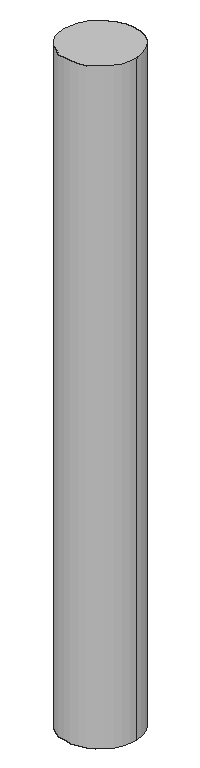
Revit family "STC_A3-M-Concrete-Round-Column", category Structural Columns, Revit 2016
Family settings
  Display in Hidden Views = Edges Hidden by Other Members
  Section Shape = Not Defined
  Material for Model Behavior = Concrete
  Always export as geometry = No
  Beam cutback in plan = From geometry
  Cut with Voids When Loaded = No
  Symbolic Representation = From Family
  Shared = No
  Show family pre-cut in plan views = Yes
Parameters (values of type "300mm Concrete Column")
  b = 300 mm
  Structural Material [instance] = Concrete - Cast-in-Place Concrete
Types (5, lengths in mm): name | b
  (no name) | 300
  300mm Concrete Column | 300
  450mm Concrete Column | 450
  600mm Concrete Column | 600
  750mm Concrete Column | 750
Reference planes
  plane 1 "Center (Front/Back)": y = 0
  plane 2: z = 0
  plane 3 "Center (Left/Right)": x = 0
  plane 4: x = -150
  plane 5: x = 150
  plane 6: y = 150
  plane 7: y = -150
Forms (mm)
  Extrusion 1, solid, material "Concrete - Cast-in-Place Concrete" <- "Structural Material"
    sketch origin (0, 0, 0) x (1, 0, 0) y (0, 1, 0)
      loop
        circle (0, 0) r 150
    from 0 to 2500
Dimensions and locks
  equal spacing: plane 4, plane 3 "Center (Left/Right)", plane 5
  equal spacing: plane 7, plane 1 "Center (Front/Back)", plane 6
  "b": plane 7 to plane 6
  "b": plane 4 to plane 5
  aligned and locked: level to Extrusion 1
  aligned and locked: level to plane 2
  aligned and locked: Extrusion 1 to plane 2
Automatic sketch dimensions
  Extrusion 1 sketch curve to plane 1 "Center (Front/Back)" = 0 mm
  Extrusion 1 sketch curve to plane 4 = 0 mm
  Extrusion 1 sketch curve to plane 3 "Center (Left/Right)" = 0 mm
